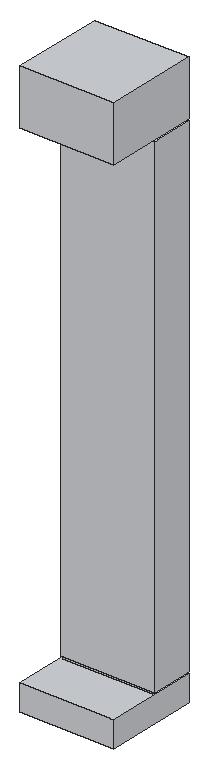
Revit family "88659_HOST_FACE", category Lighting Fixtures, host Face, Revit 2015
Parameters (values of type "Bollard")
  Wattage = 4.89424 W
  built-in parameter 1150110 = 1 (stored number, unit not read)
  URL = "www.bega-us.com"
  built-in parameter 1114217 = 1 (stored number, unit not read)
  Tilt Angle = 90.00°
  built-in parameter 1150109 = 1 (stored number, unit not read)
  built-in parameter 1150134 = (empty or 0)
  Telephone = "805.684.0533"
  built-in parameter 1150113 = 1 (stored number, unit not read)
  Photometric Web File = "88659.IES"
  Model = "88 659"
  Manufacturer = "BEGA-US"
  built-in parameter 1150105 = 57.853 (stored number, unit not read)
  Lumens = 727 lm
  built-in parameter 1150115 = 1 (stored number, unit not read)
  built-in parameter 1150137 = (empty or 0)
  built-in parameter 1150139 = (empty or 0)
  built-in parameter 1150112 = 1 (stored number, unit not read)
  built-in parameter 1150114 = 1 (stored number, unit not read)
  Lamp = "13W LED"
  built-in parameter 1150132 = 2
  built-in parameter 1150102 = (empty or 0)
  built-in parameter 1150107 = 3000 (stored number, unit not read)
  built-in parameter 1150138 = (empty or 0)
  built-in parameter 1150106 = 0.57853 (stored number, unit not read)
  built-in parameter 1150104 = 13.8 (stored number, unit not read)
  Dimming Lamp Color Temperature Shift = <None>
  Description = "Bollard fully shielded light source"
  Default Elevation = 0' - 0"
  Color Filter = 16777215
  built-in parameter 1114218 = 1 (stored number, unit not read)
  built-in parameter 1150133 = 10 (stored number, unit not read)
Types (5): name | Wattage | built-in parameter 1150134 | Photometric Web File | Model | built-in parameter 1150105 | Lumens | Lamp | built-in parameter 1150107 | built-in parameter 1150106 | Description | Default Elevation
  (no name) | 4.89424 W | (empty or 0) | "88659.IES" | "88 659" | 57.853 (stored number, unit not read) | 727 lm | "13W LED" | 3000 (stored number, unit not read) | 0.57853 (stored number, unit not read) | "Bollard fully shielded light source" | 0' - 0"
  Wall Luminaires - Directed Light | 18.4392 W | (empty or 0) | "generic" | "2260LED" | 217.96 (stored number, unit not read) | 2739 lm | "44.6W LED" | 3000 (stored number, unit not read) | 2.1796 (stored number, unit not read) | "Surface wall with cutoff optics" | 6' - 0"
  Wall Luminaires - Linear | 9.92985 W | 9 | "generic" | "4425P" | 117.38 (stored number, unit not read) | 1475 lm | "(1) 39W CF twin-4-p" | 3450 (stored number, unit not read) | 1.1738 (stored number, unit not read) | "Suface wall - linear with white acrylic diffuser" | 6' - 0"
  Ceiling and Wall Luminaires - Unshielded | 2.66591 W | (empty or 0) | "33508.ies" | "33 508" | 31.513 (stored number, unit not read) | 396 lm | "8.4W LED" | 3000 (stored number, unit not read) | 0.31513 (stored number, unit not read) | "LED ceiling and wall luminaires - impact resistant" | 6' - 0"
  Bollard | 4.89424 W | (empty or 0) | "88659.IES" | "88 659" | 57.853 (stored number, unit not read) | 727 lm | "13W LED" | 3000 (stored number, unit not read) | 0.57853 (stored number, unit not read) | "Bollard fully shielded light source" | 0' - 0"
Reference planes (in)
  plane 1 "Center (Front/Back)": y = 0
  plane 2: z = 0
  plane 3 "Center (Left/Right)": x = 0
Dimensions and locks (in)
  aligned and locked: plane 2 to host face
  aligned and locked: level to host face
Nested families (in)
  nested 1: "8659LED" at (0, 0, 0), type "8659LED"
Connectors (in)
  electrical at (0, 0, 0)
    settings: on host face, index 1, voltage 0 V, apparent load 0 VA, apparent load phase1 0 VA, apparent load phase2 0 VA, apparent load phase3 0 VA, power factor 1, load classification "Other", number of poles 1, system type 31, power factor state 1, is connector primary yes, connector utility no, sub classification motor no, connector description ""
Definition of nested family "8659LED"
  Reference planes (in)
    plane 1 "Center (Front/Back)": y = 0
    plane 2: z = 0
    plane 3 "Center (Left/Right)": x = 0
  Forms (in)
    Extrusion 1, solid
      sketch origin (0, 0, -0.125) x (1, 0, 0) y (0, 1, 0)
        loop
          line (-3.1875, 3.1875) -> (-3.1875, -3.1875) -> (3.1875, -3.1875) -> (3.1875, 3.1875) -> (-3.1875, 3.1875)
      from 0.125 to 1.875
    Extrusion 2, solid
      sketch origin (0, 0, -0.125) x (1, 0, 0) y (0, 1, 0)
        loop
          line (-3.1875, 3.1875) -> (-3.1875, 0.28641) -> (3.1875, 0.28641) -> (3.1875, 3.1875) -> (-3.1875, 3.1875)
      from 35.625 to 2
    Extrusion 3, solid
      sketch origin (0, 0, 17.75) x (1, 0, 0) y (0, 1, 0)
        loop
          line (-3.0625, 3.0625) -> (-3.0625, 0.28641) -> (3.0625, 0.28641) -> (3.0625, 3.0625) -> (-3.0625, 3.0625)
      from 17.75 to 17.875
    Extrusion 4, solid
      sketch origin (0, 0, 17.75) x (1, 0, 0) y (0, 1, 0)
        loop
          line (-3.1875, 3.1875) -> (-3.1875, -3.1875) -> (3.1875, -3.1875) -> (3.1875, 3.1875) -> (-3.1875, 3.1875)
      from 21.625 to 17.875
    Extrusion 5, solid
      sketch origin (0, 0, -16) x (1, 0, 0) y (0, 1, 0)
        loop
          line (-3.0625, 3.0625) -> (-3.0625, 0.28641) -> (3.0625, 0.28641) -> (3.0625, 3.0625) -> (-3.0625, 3.0625)
      from 17.75 to 17.875
    Extrusion 6, void
      sketch origin (0, 0, 17.875) x (0, 1, 0) y (0, 0, 1)
        loop
          line (-2.8125, 21.375) -> (-2.9375, 21.375) -> (-3.0625, 21.375) -> (-3.0625, 17.875) -> (-2.8125, 17.875) -> (-2.8125, 17.75) -> (0.0625, 17.75) -> (0.0625, 17.875) -> (0.4375, 17.875) -> (0.4375, 17.75) -> (0.4375, -16) -> (0.5625, -16) -> (0.5625, -16.125) -> (2.8125, -16.125) -> (2.8125, -16) -> (2.9375, -16) -> (2.9375, 21.375) -> (-2.8125, 21.375)
      from -3 to 3
    Extrusion 7, solid
      sketch origin (0, 0, 17.875) x (0, 1, 0) y (0, 0, 1)
        loop
          line (-2.9375, 17.875) -> (0.1875, 17.875) -> (0.1875, 18) -> (-2.9375, 18) -> (-2.9375, 17.875)
      from -3 to 3
  Cuts and joins
    Extrusion 6 cuts Extrusion 1
    Extrusion 6 cuts Extrusion 2
    Extrusion 6 cuts Extrusion 3
    Extrusion 6 cuts Extrusion 4
    Extrusion 6 cuts Extrusion 5
  Dimensions and locks (in)
    aligned and locked: plane 2 to level
